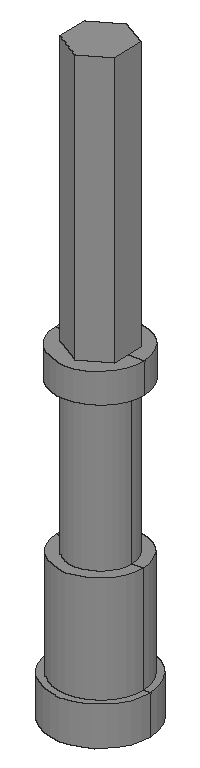
Revit family "Hammereinsatz Typ 2500 für Staberder ST, BP und OMEX", category Generic Models, Revit 2015
Parameters (values of type "250020")
  Width 1 = 6.9 mm
  Width = 10 mm
  URL = "http://www.obo-bettermann.com"
  Material = Steel
  Manufacturer Art.No. = "3043207"
  Manufacturer = "OBO Bettermann"
  Height 1 = 47 mm
  Height = 8 mm
  GTIN = "4012195243311"
  Article Type = "2500 20"
Types (3, lengths in mm): name | Width 1 | Width | Manufacturer Art.No. | Height | GTIN | Article Type
  (no name) | 6.9 | 10 | "3043207" | 8 | "4012195243311" | "2500 20"
  250020 | 6.9 | 10 | "3043207" | 8 | "4012195243311" | "2500 20"
  250025 | 7.9 | 12.5 | "3043258" | 8.2 | "4012195243373" | "2500 25"
Reference planes
  plane 1 "Center (Front/Back)": y = 0
  plane 2: z = 0
  plane 3 "Center (Left/Right)": x = 0
  plane 4: z = 240
Forms (mm)
  Revolve 1, solid, material "Steel" <- "Material"
    sketch origin (0, 0, 0) x (1, 0, 0) y (0, 0, 1)
      loop
        line (10, 0) -> (20, 0) -> (20, 15.6) -> (17.063, 15.6) -> (17.063, 58.6) -> (12.5, 58.6) -> (12.5, 120.1) -> (17.5, 120.1) -> (17.5, 132.1) -> (0, 132.1) -> (0, 55) -> (6.9, 55) -> (6.9, 8) -> (10, 8) -> (10, 0)
      axis (0, 132.1) -> (0, 0)
    angle from 0 to 360
  Extrusion 2, solid, material "Steel" <- "Material"
    sketch origin (0, 0, 0) x (1, 0, 0) y (0, 1, 0)
      loop
        line (10.96, 6.328) -> (0, 12.655) -> (-10.96, 6.328) -> (-10.96, -6.328) -> (0, -12.655) -> (10.96, -6.328) -> (10.96, 6.328)
    from 132.1 to 240
Dimensions and locks
  "Width": Revolve 1 sketch curve to plane 3 "Center (Left/Right)"
  "Height": Revolve 1 sketch curve to level
  "Height 1": Revolve 1 sketch curve to Revolve 1 sketch curve
  "Width 1": Revolve 1 sketch curve to plane 3 "Center (Left/Right)"
  locked: Revolve 1 sketch curve to plane 3 "Center (Left/Right)" at 20
  locked: Revolve 1 sketch curve to Revolve 1 sketch curve at 15.6
  locked: Revolve 1 sketch curve to Revolve 1 sketch curve at 43
  locked: Revolve 1 sketch curve to Revolve 1 sketch curve at 12.5
  locked: Revolve 1 sketch curve to Revolve 1 sketch curve at 61.5
  locked: Revolve 1 sketch curve to Revolve 1 sketch curve at 12
  locked: Revolve 1 sketch curve to plane 3 "Center (Left/Right)" at 17.5
  locked: plane 4 to level at 240
  aligned and locked: level to plane 2
  aligned and locked: level to Revolve 1 sketch curve
  aligned and locked: plane 3 "Center (Left/Right)" to Revolve 1 sketch curve
  aligned and locked: Revolve 1 sketch curve to plane 3 "Center (Left/Right)"
  aligned and locked: plane 4 to Extrusion 2
  aligned and locked: Extrusion 2 to Revolve 1
Automatic sketch dimensions
  Revolve 1 sketch curve to Revolve 1 sketch curve = 2.937 mm
  Revolve 1 sketch curve to level = 366.045 mm
  Revolve 1 sketch curve to Revolve 1 sketch curve = 2082.215 mm
